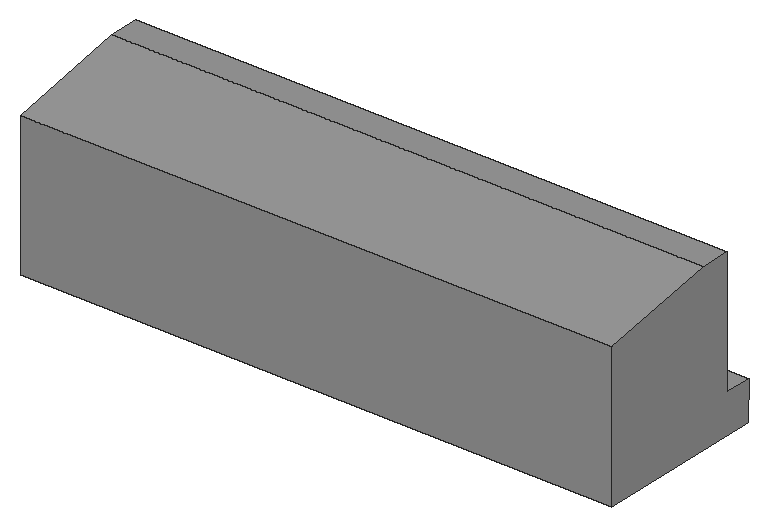
Revit family "Surgical_Scrub_Sink-Willoughby-EWSSS-3", category Plumbing Fixtures, Revit 2015
Parameters (values of type "Standard")
  Waste DIA = 1 1/2"
  Waste Connection = yes
  Vent Connection = no
  URL = "https://www.willoughby-ind.com/wp-content/uploads/2018/01/EWSSS.pdf"
  Revision = "A"
  Model = "EWSSS-3"
  Manufacturer = "Willoughby Industries"
  HW Connection = no
  Fixture Body = Stainless Steel AISI 304-Willoughby
  Description = "Economy Surgical Scrub Sink, Three Station"
  Default Elevation = 0' - 0"
  Contact = "800-428-4065"
  CW Connection = no
Reference planes (in)
  plane 1 "Center (Front/Back)": y = 0
  plane 2: z = 0
  plane 3 "Center (Left/Right)": x = 0
  plane 4 "Waste HGT": y = 25
  plane 5 "Bottom Of Sink": y = 16.75
  plane 6 "Top Of Unit": y = 56
Forms (in)
  Extrusion 1, solid, material "Stainless Steel AISI 304-Willoughby" <- "Fixture Body"
    sketch origin (0, 0, 0) x (0, 1, 0) y (0, 0, 1)
      loop
        line (16.75, 0) -> (42.75, 0) -> (42.75, 6) -> (26.75, 6) -> (26.75, 12.5) -> (38.75, 22.5) -> (38.75, 25) -> (34.25, 25) -> (16.75, 21.6875) -> (16.75, 0)
    from -43.5 to 43.5
  Extrusion 2, solid, material "Stainless Steel AISI 304-Willoughby" <- "Fixture Body"
    sketch origin (0, 0, 0) x (0, 1, 0) y (0, 0, 1)
      loop
        line (16.75, 21.6875) -> (16.75, 0) -> (42.75, 0) -> (42.75, 6) -> (38.75, 6) -> (38.75, 25) -> (34.25, 25) -> (16.75, 21.6875)
    from -43.5 to -45
  Extrusion 3, solid, material "Stainless Steel AISI 304-Willoughby" <- "Fixture Body"
    sketch origin (0, 0, 0) x (0, 1, 0) y (0, 0, 1)
      loop
        line (16.75, 21.6875) -> (16.75, 0) -> (42.75, 0) -> (42.75, 6) -> (38.75, 6) -> (38.75, 25) -> (34.25, 25) -> (16.75, 21.6875)
    from 43.5 to 45
  Revolve 4, solid, material "Stainless Steel AISI 304-Willoughby" <- "Fixture Body", detail levels fine
    sketch origin (-3.125, 25, 0) x (-1, 0, 0) y (0, 0, 1)
      loop
        line (0, 0) -> (0.75, 0) -> (0.75, 3.5) -> (0, 3.5) -> (0, 0)
      axis (0, 3.5) -> (0, 0)
    angle from 0 to 360
  Sweep 5, solid
    path origin (0, -9.24468, 21.25821) x (0, 0.906308, -0.422618) y (0, 0.422618, 0.906308)
      loop
        line (54.41518, 6.33615) -> (61.18417, 9.49258)
        arc (61.18417, 9.49258) -> (62.55966, 13.27172) -> (58.78053, 14.64721) r 2.84375
        line (58.78053, 14.64721) -> (57.67596, 14.13214)
    profile origin (0, 46.48437, 4.00386) x (0, 0, 1) y (1, 0, 0)
      loop
        circle (-0.00386, 30) r 0.375
  Extrusion 6, solid
    sketch origin (15, 0, 0) x (1, 0, 0) y (0, 1, 0)
      loop
        circle (9, 25) r 0.25
      loop
        circle (6, 25) r 0.25
      loop
        circle (-24, 25) r 0.25
      loop
        circle (-27, 25) r 0.25
      loop
        circle (-49, 25) r 0.25
      loop
        circle (-52, 25) r 0.25
    from 0 to 1
  Sweep 7, solid
    path origin (-15, -9.24468, 21.25821) x (0, 0.906308, -0.422618) y (0, 0.422618, 0.906308)
      loop
        line (54.41518, 6.33615) -> (61.18417, 9.49258)
        arc (61.18417, 9.49258) -> (62.55966, 13.27172) -> (58.78053, 14.64721) r 2.84375
        line (58.78053, 14.64721) -> (57.67596, 14.13214)
    profile origin (-15, 46.48437, 4.00386) x (0, 0, 1) y (1, 0, 0)
      loop
        circle (-0.00386, 15) r 0.375
  Extrusion 8, solid
    sketch origin (15, 0, 0) x (0, 1, 0) y (0, 0, 1)
      loop
        line (29.625, 6) -> (42.75, 6) -> (38.75, 22.5) -> (29.625, 14.89583) -> (29.625, 6)
    from -0.125 to 0.125
  Extrusion 9, solid
    sketch origin (-15, 0, 0) x (0, 1, 0) y (0, 0, 1)
      loop
        line (29.625, 6) -> (42.75, 6) -> (38.75, 22.5) -> (29.625, 14.89583) -> (29.625, 6)
    from -0.125 to 0.125
  Sweep 10, solid
    path origin (-45, -9.24468, 21.25821) x (0, 0.906308, -0.422618) y (0, 0.422618, 0.906308)
      loop
        line (54.41518, 6.33615) -> (61.18417, 9.49258)
        arc (61.18417, 9.49258) -> (62.55966, 13.27172) -> (58.78053, 14.64721) r 2.84375
        line (58.78053, 14.64721) -> (57.67596, 14.13214)
    profile origin (-45, 46.48437, 4.00386) x (0, 0, 1) y (1, 0, 0)
      loop
        circle (-0.00386, 15) r 0.375
Cuts and joins
  joined: Extrusion 1, Extrusion 2, Extrusion 3
Lines and regions (in)
  symbolic lines
    curve 1: line (16, 16.75, 0) -> (-16, 16.75, 0)
    curve 2: line (0, 44.77947, 27) -> (0, 16.75, 27)
    curve 3: line (0, 16.75, 27) -> (0, 16.75, 0)
    curve 4: line (0, 16.75, 0) -> (0, 56, 0)
    curve 5: line (0, 56, 0) -> (0, 56, 2.9375)
    curve 6: line (0, 56, 2.9375) -> (0, 44.77947, 27)
    curve 7: line (-16, 25, 0) -> (16, 25, 0)
    curve 8: line (16, 25, 0) -> (16, 25, 27)
    curve 9: line (16, 25, 27) -> (-16, 25, 27)
    curve 10: line (-16, 25, 27) -> (-16, 25, 0)
    curve 11: line (16, 25, 2.9375) -> (-16, 25, 2.9375)
  symbolic lines, detail levels medium+fine
    curve 12: line (14, 25, 8.25) -> (14, 25, 25.25)
    curve 13: line (14, 25, 25.25) -> (-14, 25, 25.25)
    curve 14: line (-14, 25, 25.25) -> (-14, 25, 8.25)
    curve 15: line (-14, 25, 8.25) -> (14, 25, 8.25)
  symbolic lines, detail levels fine
    curve 16: line (14, 25, 14.6875) -> (-14, 25, 14.6875)
    curve 17: line (-14, 25, 9.77312) -> (14, 25, 9.77312)
Dimensions and locks (in)
  cut or joined group of Extrusion 1, Extrusion 2, Extrusion 3 to cut or joined group of Extrusion 1, Extrusion 2, Extrusion 3 = 7' - 6"
  aligned and locked: Extrusion 1 sketch curve to plane 5 "Bottom Of Sink"
  aligned and locked: Revolve 4 sketch curve to Revolve 4 sketch curve  (x2)
  aligned and locked: Extrusion 3 to Extrusion 1
  aligned and locked: Extrusion 2 to Extrusion 1
Connectors (in)
  piping at (-3.125, 25, 0), diameter 1.5, driven by "Waste DIA", driven by "Waste Connection"
    settings: on Revolve 4, index 1, connector inside diameter 24", connector length 0' - 0", flow factor 0, pipe flow 0 GPM, pressure drop 0.00 psi, fitting loss kfactor 0, connector angle 0.00°, fixture units 0, engagement length 0' - 0", angle of deflection 0.00°, flow configuration 0, flow direction 2, fitting loss method 0, system type 16, joint type 0, gender type 0, connector reference index -1, connector utility 1, adjustable connector no, is connector primary yes, connector description "Sink Waste"
  piping at (24, 25, 1), diameter 0.5
    settings: on Extrusion 6, index 2, connector inside diameter 24", connector length 0' - 0", flow factor 0, pipe flow 0 GPM, pressure drop 0.00 psi, fitting loss kfactor 0, connector angle 0.00°, fixture units 0, engagement length 0' - 0", angle of deflection 0.00°, flow configuration 0, flow direction 0, fitting loss method 0, system type 20, joint type 0, gender type 0, connector reference index -1, connector utility 0, adjustable connector no, is connector primary no, connector description ""
  piping at (21, 25, 1), diameter 0.5
    settings: on Extrusion 6, index 3, connector inside diameter 24", connector length 0' - 0", flow factor 0, pipe flow 0 GPM, pressure drop 0.00 psi, fitting loss kfactor 0, connector angle 0.00°, fixture units 0, engagement length 0' - 0", angle of deflection 0.00°, flow configuration 0, flow direction 0, fitting loss method 0, system type 19, joint type 0, gender type 0, connector reference index -1, connector utility 0, adjustable connector no, is connector primary no, connector description ""
  piping at (-9, 25, 1), diameter 0.5
    settings: on Extrusion 6, index 4, connector inside diameter 24", connector length 0' - 0", flow factor 0, pipe flow 0 GPM, pressure drop 0.00 psi, fitting loss kfactor 0, connector angle 0.00°, fixture units 0, engagement length 0' - 0", angle of deflection 0.00°, flow configuration 0, flow direction 0, fitting loss method 0, system type 20, joint type 0, gender type 0, connector reference index -1, connector utility 0, adjustable connector no, is connector primary no, connector description ""
  piping at (-12, 25, 1), diameter 0.5
    settings: on Extrusion 6, index 5, connector inside diameter 24", connector length 0' - 0", flow factor 0, pipe flow 0 GPM, pressure drop 0.00 psi, fitting loss kfactor 0, connector angle 0.00°, fixture units 0, engagement length 0' - 0", angle of deflection 0.00°, flow configuration 0, flow direction 0, fitting loss method 0, system type 19, joint type 0, gender type 0, connector reference index -1, connector utility 0, adjustable connector no, is connector primary no, connector description ""
  piping at (-34, 25, 1), diameter 0.5
    settings: on Extrusion 6, index 6, connector inside diameter 24", connector length 0' - 0", flow factor 0, pipe flow 0 GPM, pressure drop 0.00 psi, fitting loss kfactor 0, connector angle 0.00°, fixture units 0, engagement length 0' - 0", angle of deflection 0.00°, flow configuration 0, flow direction 0, fitting loss method 0, system type 20, joint type 0, gender type 0, connector reference index -1, connector utility 0, adjustable connector no, is connector primary no, connector description ""
  piping at (-37, 25, 1), diameter 0.5
    settings: on Extrusion 6, index 7, connector inside diameter 24", connector length 0' - 0", flow factor 0, pipe flow 0 GPM, pressure drop 0.00 psi, fitting loss kfactor 0, connector angle 0.00°, fixture units 0, engagement length 0' - 0", angle of deflection 0.00°, flow configuration 0, flow direction 0, fitting loss method 0, system type 19, joint type 0, gender type 0, connector reference index -1, connector utility 0, adjustable connector no, is connector primary no, connector description ""
